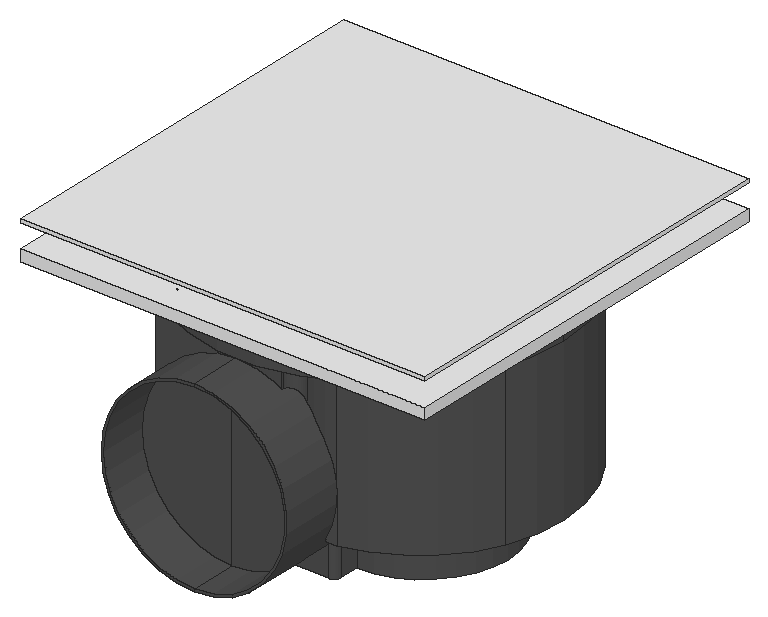
Revit family "Reece_Accessory_Kado_Lux_HiFlow_Exhaust Fan_Square", category Mechanical Equipment, host Face, Revit 2018
Family settings
  Host = Face
  Round Connector Dimension = Use Diameter
  Classification = None
  Part Type = Normal
  Cut with Voids When Loaded = No
  Shared = Yes
  Room Calculation Point = Yes
Parameters (values of type "326 mm x 326 mm_Matte White")
  URL = "https://www.reece.com.au/product/-2020342"
  Type Comments = "Accessory"
  Reece_Product_Web Page = "https://www.reece.com.au/product/-2020342"
  Reece_Product_Type = "Accessory"  # constant formula
  Reece_Product_Sub Brand = "Lux"  # constant formula
  Reece_Product_Number = "2020342"
  Reece_Product_Mount = "Ceiling Mounted"
  Reece_Product_Description = "Kado Lux HiFlow 250 Exhaust Fan Square Matte White"
  Reece_Product_Brand = "Kado"  # constant formula
  Reece_Overall_Width = 326 mm
  Reece_Overall_Length = 326 mm
  Reece_Outlet_Middle = 118 mm
  Reece_Mechanical_Max Airflow = 378 m³/h
  Reece_Mechanical_Air Outlet Size_250 = if(Reece_Mechanical_Duct_Diameter = 100 mm, 0 mm, 150 mm)  # 150 mm
  Reece_Mechanical_Air Outlet Size_200 = if(Reece_Mechanical_Duct_Diameter = 150 mm, 0 mm, 100 mm)  # 0 mm
  Reece_Mechanical_Duct_Diameter = 150 mm
  Reece_Material_Secondary = Reece_Plastic_ABS_Black
  Reece_Material_Main = Reece_Plastic_ABS_White
  Reece_Installation_Minimum Depth = 220 mm  # constant formula
  Reece_Fascia_Type = Reece_Accessory_Kado_Lux_HiFlow_Intake Fascia_Square_250 : Reece_Accessory_Kado_Lux_HiFlow_Intake Fascia_Square_250
  Reece_Fan_Height = 195 mm
  Reece_Exhaust Fan = Reece_Accessory_Kado_Lux_HiFlow_Exhaust Fan_250 : Reece_Accessory_Kado_Lux_HiFlow_Exhaust Fan_250
  Reece_Equipment_Weight = 3.40 kg
  Reece_Electrical_Voltage_Min = 220 V  # constant formula
  Reece_Electrical_Voltage_Max = 240 V  # constant formula
  Reece_Electrical_Voltage = 240 V  # constant formula
  Reece_Electrical_IP Rating = "IPX4"  # constant formula
  Reece_Electrical_Frequency = 50 Hz  # constant formula
  Reece_Electrical_Fan Power_Wattage = 50 W
  Reece_Detail_Note = "Electrical input required. Refer to web page for further details."  # constant formula
  Reece_Detail_Installation = "Exhaust Fan"  # constant formula
  Reece_Detail_Disclaimer = "THIS FILE IS THE PROPERTY OF THE REECE GROUP. IT MAY NOT BE REPRODUCED, REVERSE-ENGINEERED OR MODIFIED. ANY REPUBLICATION, TRANSMISSION OR DISTRIBUTION FOR THE PURPOSE OF COMMERCIALLY EXPLOITING THE FILES IS PROHIBITED."  # constant formula
  Reece_Detail_Connector = "Plug in (Plug & Lead included)"  # constant formula
  Reece_Detail_Additional = "HiFlow"  # constant formula
  Reece_Ceiling_Cutout_Diameter = 300 mm
  Model = "Lux"
  Manufacturer = "Kado"
  Keynote = "Product #2020342, Reece_Accessory_Kado_Lux_HiFlow_Exhaust Fan_Square - 326 mm x 326 mm_Matte White"
  Disclaimer = "THIS FILE IS THE PROPERTY OF THE REECE GROUP. IT MAY NOT BE REPRODUCED, REVERSE-ENGINEERED OR MODIFIED. ANY REPUBLICATION, TRANSMISSION OR DISTRIBUTION FOR THE PURPOSE OF COMMERCIALLY EXPLOITING THE FILES IS PROHIBITED."  # constant formula
  Description = "Kado Lux HiFlow 250 Exhaust Fan Square Matte White"
  Default Elevation = 0 mm
Types (4, lengths in mm): name | URL | Reece_Product_Web Page | Reece_Product_Number | Reece_Product_Description | Reece_Overall_Width | Reece_Overall_Length | Reece_Outlet_Middle | Reece_Mechanical_Max Airflow | Reece_Mechanical_Air Outlet Size_250 | Reece_Mechanical_Air Outlet Size_200 | Reece_Mechanical_Duct_Diameter | Reece_Material_Main | Reece_Fascia_Type | Reece_Fan_Height | Reece_Exhaust Fan | Reece_Equipment_Weight | Reece_Electrical_Fan Power_Wattage | Reece_Ceiling_Cutout_Diameter | Keynote | Description
  270 mm x 270 mm_Matte Black | "https://www.reece.com.au/product/-2020353" | "https://www.reece.com.au/product/-2020353" | "2020353" | "Kado Lux HiFlow 200 Exhaust Fan Square Matte Black" | 270 | 270 | 82 | 175 m³/h | 0 | 100 | 100 | Reece_Plastic_ABS_Black | Reece_Accessory_Kado_Lux_HiFlow_Intake Fascia_Square_200 : Reece_Accessory_Kado_Lux_HiFlow_Intake Fascia_Square_200 | 167 | Reece_Accessory_Kado_Lux_HiFlow_Exhaust Fan_200 : Reece_Accessory_Kado_Lux_HiFlow_Exhaust Fan_200 | 2.10 kg | 30 W | 240 | "Product #2020353, Reece_Accessory_Kado_Lux_HiFlow_Exhaust Fan_Square - 270 mm x 270 mm_Matte Black" | "Kado Lux HiFlow 200 Exhaust Fan Square Matte Black"
  270 mm x 270 mm_Matte White | "https://www.reece.com.au/product/-2020354" | "https://www.reece.com.au/product/-2020354" | "2020354" | "Kado Lux HiFlow 200 Exhaust Fan Square Matte White" | 270 | 270 | 82 | 175 m³/h | 0 | 100 | 100 | Reece_Plastic_ABS_White | Reece_Accessory_Kado_Lux_HiFlow_Intake Fascia_Square_200 : Reece_Accessory_Kado_Lux_HiFlow_Intake Fascia_Square_200 | 167 | Reece_Accessory_Kado_Lux_HiFlow_Exhaust Fan_200 : Reece_Accessory_Kado_Lux_HiFlow_Exhaust Fan_200 | 2.10 kg | 30 W | 240 | "Product #2020354, Reece_Accessory_Kado_Lux_HiFlow_Exhaust Fan_Square - 270 mm x 270 mm_Matte White" | "Kado Lux HiFlow 200 Exhaust Fan Square Matte White"
  326 mm x 326 mm_Matte Black | "https://www.reece.com.au/product/-2020341" | "https://www.reece.com.au/product/-2020341" | "2020341" | "Kado Lux HiFlow 250 Exhaust Fan Square Matte Black" | 326 | 326 | 118 | 378 m³/h | 150 | 0 | 150 | Reece_Plastic_ABS_Black | Reece_Accessory_Kado_Lux_HiFlow_Intake Fascia_Square_250 : Reece_Accessory_Kado_Lux_HiFlow_Intake Fascia_Square_250 | 195 | Reece_Accessory_Kado_Lux_HiFlow_Exhaust Fan_250 : Reece_Accessory_Kado_Lux_HiFlow_Exhaust Fan_250 | 3.40 kg | 50 W | 300 | "Product #2020341, Reece_Accessory_Kado_Lux_HiFlow_Exhaust Fan_Square - 326 mm x 326 mm_Matte Black" | "Kado Lux HiFlow 250 Exhaust Fan Square Matte Black"
  326 mm x 326 mm_Matte White | "https://www.reece.com.au/product/-2020342" | "https://www.reece.com.au/product/-2020342" | "2020342" | "Kado Lux HiFlow 250 Exhaust Fan Square Matte White" | 326 | 326 | 118 | 378 m³/h | 150 | 0 | 150 | Reece_Plastic_ABS_White | Reece_Accessory_Kado_Lux_HiFlow_Intake Fascia_Square_250 : Reece_Accessory_Kado_Lux_HiFlow_Intake Fascia_Square_250 | 195 | Reece_Accessory_Kado_Lux_HiFlow_Exhaust Fan_250 : Reece_Accessory_Kado_Lux_HiFlow_Exhaust Fan_250 | 3.40 kg | 50 W | 300 | "Product #2020342, Reece_Accessory_Kado_Lux_HiFlow_Exhaust Fan_Square - 326 mm x 326 mm_Matte White" | "Kado Lux HiFlow 250 Exhaust Fan Square Matte White"
Reference planes
  plane 1 "Center (Front/Back)": y = -79.125
  plane 2 "Ceiling": z = 0
  plane 3 "Center (Left/Right)": x = 0
  plane 4: y = 83.875
  plane 5: x = 163
  plane 6: x = -163
  plane 7: y = -242.125
  plane 8: z = -195
  plane 9: y = -229.125
  plane 10: y = 70.875
  plane 11: z = -220
  plane 12: z = -118
Forms (mm)
  Extrusion 1, void
    sketch origin (0, 0, 0) x (1, 0, 0) y (0, 1, 0)
      loop
        circle (0, -79.125) r 150
    from 0 to -220
Text (mm)
  text "Reece Copyright © 2018, Reece Ltd." at (-1108.834, -679.227, 0), in view "Ref. Level"
  text "Reece ©" at (78.306, 240.076, 139.55), in view "Reece Preview"
Dimensions and locks
  equal spacing: plane 6, plane 3 "Center (Left/Right)", plane 5
  "Reece_Overall_Width": plane 6 to plane 5
  "Reece_Fan_Height": plane 2 "Ceiling" to plane 8
  "Reece_Ceiling_Cutout_Diameter": plane 9 to plane 10
  "Reece_Installation_Minimum Depth": level to plane 11
  equal spacing: plane 7, plane 1 "Center (Front/Back)", plane 4
  "Reece_Overall_Length": plane 4 to plane 7
  equal spacing: plane 9, plane 1 "Center (Front/Back)", plane 10
  "Reece_Outlet_Middle": level to plane 12
  "Reece_Ceiling_Cutout_Diameter": diameter of Extrusion 1 sketch curve
  aligned and locked: plane 2 "Ceiling" to host face
  aligned and locked: level to host face
Automatic sketch dimensions
  host sketch curve to host sketch curve = 696.216 mm
  host sketch curve to host sketch curve = 618.927 mm
  plane 1 "Center (Front/Back)" to Extrusion 1 sketch curve = 0 mm
  Extrusion 1 sketch curve to plane 3 "Center (Left/Right)" = 0 mm
Nested families
  nested 1: "Reece_Accessory_Kado_Lux_HiFlow_Intake Fascia_Square_250" at (0, 0, 0), type <- "Reece_Fascia_Type", Reece_Material_Main <- "Reece_Material_Main", type "Reece_Accessory_Kado_Lux_HiFlow_Intake Fascia_Square_250"
    with Reece_Material_Main Reece_Plastic_ABS_White
  nested 2: "Reece_Accessory_Kado_Lux_HiFlow_Exhaust Fan_250" at (0, -81.616, 0), type <- "Reece_Exhaust Fan", Reece_Material_Secondary <- "Reece_Material_Secondary", type "Reece_Accessory_Kado_Lux_HiFlow_Exhaust Fan_250"
    with Reece_Material_Secondary Reece_Plastic_ABS_Black
Connectors
  electrical at (-91.058, -77.296, -187), driven by "Reece_Electrical_Voltage"
    settings: on nested 2, index 1, voltage 240 V, apparent load 0 VA, apparent load phase1 0 VA, apparent load phase2 0 VA, apparent load phase3 0 VA, power factor 1, load classification "HVAC", number of poles 1, system type 30, power factor state 1, is connector primary yes, connector utility no, sub classification motor no, connector description ""
  hvac at (-27, -198.616, -118), driven by "Reece_Mechanical_Air Outlet Size_250", driven by "Reece_Mechanical_Max Airflow"
    settings: on nested 2, index 2, duct flow 378 m³/h, flow factor 0, pres drop 0.0 Pa, loss coef 0, conn angle 0.00°, conn width 304.8 mm, conn height 304.8 mm, conn diameter 150 mm, duct sys type 3, conn prof type 0, flow config 1, flow direction 2, loss method 0, conn ref index -1, conn util no, is conn primary yes, conn desc ""
  hvac at (-30, -161.616, -82), driven by "Reece_Mechanical_Air Outlet Size_200", driven by "Reece_Mechanical_Max Airflow"
    settings: on nested 2, index 3, duct flow 378 m³/h, flow factor 0, pres drop 0.0 Pa, loss coef 0, conn angle 0.00°, conn width 304.8 mm, conn height 304.8 mm, conn diameter 0 mm, duct sys type 3, conn prof type 0, flow config 1, flow direction 2, loss method 0, conn ref index -1, conn util no, is conn primary no, conn desc ""
Definition of nested family "Reece_Accessory_Kado_Lux_HiFlow_Intake Fascia_Square_250"
  Parameters (values of type "Reece_Accessory_Kado_Lux_HiFlow_Intake Fascia_Square_250")
    URL = ""
    Type Comments = ""
    Reece_Material_Main [instance] = none
    Model = ""
    Manufacturer = ""
    Keynote = ""
    Description = ""
    Default Elevation = 0 mm
    Cost = 0
    Assembly Code = ""
  Reference planes
    plane 1 "Center (Front/Back)": y = -79.125
    plane 2 "Ceiling": z = 0
    plane 3 "Center (Left/Right)": x = 0
    plane 4: y = 83.875
    plane 5: x = 163
    plane 6: x = -163
    plane 7: y = -242.125
  Forms (mm)
    Extrusion 1, solid
      sketch origin (619.2, -619.2, 0) x (1, 0, 0) y (0, 1, 0)
        loop
          line (-961.127, 847.842) -> (-961.127, 228.915) -> (-264.911, 228.915) -> (-264.911, 847.842) -> (-961.127, 847.842)
      from 0 to -10
    Sweep 2, solid, material <- "Reece_Material_Main"
      path origin (0, 0, 0) x (1, 0, 0) y (0, 1, 0)
        loop
          line (163, 83.875) -> (-163, 83.875) -> (-163, -242.125) -> (163, -242.125) -> (163, 83.875)
      profile origin (0, 83.875, 0) x (0, -1, 0) y (0, 0, 1)
        loop
          line (0, 0) -> (2, 0) -> (2, 2) -> (33, 2) -> (33, 9) -> (0, 9) -> (0, 0)
    Extrusion 3, solid, material <- "Reece_Material_Main"
      sketch origin (0, 0, 0) x (1, 0, 0) y (0, 1, 0)
        loop
          line (-130, 50.875) -> (-130, -209.125) -> (130, -209.125) -> (130, 50.875) -> (-130, 50.875)
        loop
          line (-100, 30.875) -> (-110, 20.875) -> (-110, -66.061)
          arc (-110, -66.061) -> (-109.263, -68.673) -> (-107.27, -70.516) r 5
          line (-107.27, -70.516) -> (-99.117, -74.67)
          arc (-99.117, -74.67) -> (-96.387, -79.125) -> (-99.117, -83.58) r 5
          line (-99.117, -83.58) -> (-107.27, -87.734)
          arc (-107.27, -87.734) -> (-109.263, -89.576) -> (-110, -92.189) r 5
          line (-110, -92.189) -> (-110, -179.125) -> (-100, -189.125) -> (-13.064, -189.125)
          arc (-13.064, -189.125) -> (-10.452, -188.388) -> (-8.609, -186.395) r 5
          line (-8.609, -186.395) -> (-4.455, -178.242)
          arc (-4.455, -178.242) -> (0, -175.512) -> (4.455, -178.242) r 5
          line (4.455, -178.242) -> (8.609, -186.395)
          arc (8.609, -186.395) -> (10.452, -188.388) -> (13.064, -189.125) r 5
          line (13.064, -189.125) -> (100, -189.125) -> (110, -179.125) -> (110, -92.189)
          arc (110, -92.189) -> (109.263, -89.576) -> (107.27, -87.734) r 5
          line (107.27, -87.734) -> (99.117, -83.58)
          arc (99.117, -83.58) -> (96.387, -79.125) -> (99.117, -74.67) r 5
          line (99.117, -74.67) -> (107.27, -70.516)
          arc (107.27, -70.516) -> (109.263, -68.673) -> (110, -66.061) r 5
          line (110, -66.061) -> (110, 20.875) -> (100, 30.875) -> (13.064, 30.875)
          arc (13.064, 30.875) -> (10.452, 30.139) -> (8.609, 28.145) r 5
          line (8.609, 28.145) -> (4.455, 19.993)
          arc (4.455, 19.993) -> (0, 17.263) -> (-4.455, 19.993) r 5
          line (-4.455, 19.993) -> (-8.609, 28.145)
          arc (-8.609, 28.145) -> (-10.452, 30.139) -> (-13.064, 30.875) r 5
          line (-13.064, 30.875) -> (-100, 30.875)
      from 5 to 8
    Extrusion 4, solid, material <- "Reece_Material_Main"
      sketch origin (0, 0, 0) x (1, 0, 0) y (0, 1, 0)
        loop
          circle (-101.387, -79.125) r 3
        loop
          circle (101.387, -79.125) r 3
        loop
          circle (0, -180.512) r 3
        loop
          circle (0, 22.263) r 3
        loop
          circle (-110, 30.875) r 3
        loop
          circle (110, 30.875) r 3
        loop
          circle (-110, -189.125) r 3
        loop
          circle (110, -189.125) r 3
      from 8 to 18
    Extrusion 5, solid, material <- "Reece_Material_Main"
      sketch origin (0, 0, 0) x (1, 0, 0) y (0, 1, 0)
        loop
          line (-107.387, -73.125) -> (-107.387, -85.125) -> (-95.387, -85.125) -> (-95.387, -73.125) -> (-107.387, -73.125)
        loop
          line (107.387, -73.125) -> (95.387, -73.125) -> (95.387, -85.125) -> (107.387, -85.125) -> (107.387, -73.125)
        loop
          line (-6, -186.512) -> (6, -186.512) -> (6, -174.512) -> (-6, -174.512) -> (-6, -186.512)
        loop
          line (-6, 28.263) -> (-6, 16.263) -> (6, 16.263) -> (6, 28.263) -> (-6, 28.263)
        loop
          line (-115.99, 36.875) -> (-115.99, 24.875) -> (-103.99, 24.875) -> (-103.99, 36.875) -> (-115.99, 36.875)
        loop
          line (115.99, 36.875) -> (103.99, 36.875) -> (103.99, 24.875) -> (115.99, 24.875) -> (115.99, 36.875)
        loop
          line (-115.99, -195.125) -> (-103.99, -195.125) -> (-103.99, -183.125) -> (-115.99, -183.125) -> (-115.99, -195.125)
        loop
          line (115.99, -195.125) -> (115.99, -183.125) -> (103.99, -183.125) -> (103.99, -195.125) -> (115.99, -195.125)
      from 18 to 28
    Extrusion 6, solid, material <- "Reece_Material_Main"
      sketch origin (0, 0, 0) x (1, 0, 0) y (0, 1, 0)
        loop
          line (-163, 83.875) -> (-163, -242.125) -> (163, -242.125) -> (163, 83.875) -> (-163, 83.875)
      from 28 to 31
  Text (mm)
    text "Reece Copyright © 2018, Reece Ltd." at (-128.175, -466.152, 0), in view "Ref. Level"
    text "Reece ©" at (78.306, 240.076, 139.55), in view "Reece Preview"
  Dimensions and locks
    locked: plane 6 to plane 5 at 326
    equal spacing: plane 6, plane 3 "Center (Left/Right)", plane 5
    equal spacing: plane 4, plane 1 "Center (Front/Back)", plane 7
    locked: plane 4 to plane 7 at 326
    aligned and locked: plane 2 "Ceiling" to Extrusion 1
    aligned and locked: level to Extrusion 1
  Automatic sketch dimensions
    Extrusion 1 sketch curve to Extrusion 1 sketch curve = 696.216 mm
    Extrusion 1 sketch curve to Extrusion 1 sketch curve = 618.927 mm
    Sweep 2 sketch curve to plane 4 = 0 mm
    Sweep 2 sketch curve to plane 6 = 0 mm
    Sweep 2 sketch curve to plane 5 = 0 mm
    plane 7 to Sweep 2 sketch curve = 0 mm
    Sweep 2 sketch curve to profile plane = 0 mm
    Sweep 2 sketch curve to level = 0 mm
    level to Sweep 2 sketch curve = 9 mm
    Sweep 2 sketch curve to profile plane = 33 mm
    Sweep 2 sketch curve to profile plane = 2 mm
    level to Sweep 2 sketch curve = 2 mm
    plane 1 "Center (Front/Back)" to Extrusion 3 sketch curve = 0 mm  (x2)
    Extrusion 3 sketch curve to plane 3 "Center (Left/Right)" = 0 mm  (x2)
    Extrusion 3 sketch curve to plane 3 "Center (Left/Right)" = 4.455 mm  (x2)
    Extrusion 3 sketch curve to plane 3 "Center (Left/Right)" = 8.609 mm  (x2)
    Extrusion 3 sketch curve to Extrusion 3 sketch curve = 4.455 mm  (x4)
    plane 1 "Center (Front/Back)" to Extrusion 3 sketch curve = 4.455 mm  (x2)
    Extrusion 3 sketch curve to plane 6 = 63.883 mm
    Extrusion 3 sketch curve to plane 1 "Center (Front/Back)" = 4.455 mm  (x2)
    Extrusion 3 sketch curve to plane 6 = 63 mm  (x2)
    Extrusion 3 sketch curve to Extrusion 3 sketch curve = 2.27 mm  (x12)
    Extrusion 3 sketch curve to Extrusion 3 sketch curve = 5.883 mm  (x6)
    Extrusion 3 sketch curve to plane 1 "Center (Front/Back)" = 8.609 mm  (x2)
    plane 1 "Center (Front/Back)" to Extrusion 3 sketch curve = 8.609 mm  (x2)
    Extrusion 3 sketch curve to Extrusion 3 sketch curve = 5 mm
    Extrusion 3 sketch curve to Extrusion 3 sketch curve = 10 mm  (x6)
    Extrusion 3 sketch curve to plane 6 = 33 mm
    plane 3 "Center (Left/Right)" to Extrusion 3 sketch curve = 4.455 mm  (x2)
    plane 3 "Center (Left/Right)" to Extrusion 3 sketch curve = 8.609 mm  (x2)
    Extrusion 3 sketch curve to plane 5 = 63 mm  (x2)
    Extrusion 3 sketch curve to Extrusion 3 sketch curve = 20 mm  (x2)
    Extrusion 3 sketch curve to plane 7 = 33 mm
    Extrusion 3 sketch curve to plane 4 = 63 mm
    Extrusion 3 sketch curve to plane 4 = 33 mm
    Extrusion 3 sketch curve to Extrusion 3 sketch curve = 2.73 mm  (x3)
    Extrusion 3 sketch curve to Extrusion 3 sketch curve = 10.883 mm
    plane 1 "Center (Front/Back)" to Extrusion 4 sketch curve = 0 mm  (x2)
    Extrusion 4 sketch curve to plane 3 "Center (Left/Right)" = 0 mm  (x2)
    Extrusion 4 sketch curve to plane 6 = 61.613 mm
    Extrusion 4 sketch curve to plane 6 = 53 mm  (x2)
    Extrusion 4 sketch curve to plane 5 = 61.613 mm
    Extrusion 4 sketch curve to plane 5 = 53 mm  (x2)
    Extrusion 4 sketch curve to plane 7 = 61.613 mm
    Extrusion 4 sketch curve to plane 7 = 53 mm  (x2)
    Extrusion 4 sketch curve to plane 4 = 61.613 mm
    Extrusion 4 sketch curve to plane 4 = 53 mm  (x2)
    Extrusion 5 sketch curve to plane 6 = 47.01 mm  (x2)
    plane 1 "Center (Front/Back)" to Extrusion 5 sketch curve = 6 mm  (x2)
    Extrusion 5 sketch curve to plane 6 = 55.613 mm
    Extrusion 5 sketch curve to Extrusion 5 sketch curve = 12 mm  (x12)
    Extrusion 5 sketch curve to plane 1 "Center (Front/Back)" = 6 mm  (x2)
    Extrusion 5 sketch curve to plane 3 "Center (Left/Right)" = 6 mm  (x2)
    plane 3 "Center (Left/Right)" to Extrusion 5 sketch curve = 6 mm  (x2)
    Extrusion 5 sketch curve to plane 5 = 67.613 mm
    Extrusion 5 sketch curve to plane 5 = 59.01 mm  (x2)
    Extrusion 5 sketch curve to plane 7 = 67.613 mm
    Extrusion 5 sketch curve to plane 7 = 59 mm  (x2)
    Extrusion 5 sketch curve to plane 4 = 67.613 mm
    Extrusion 5 sketch curve to plane 4 = 59 mm  (x2)
    Extrusion 6 sketch curve to plane 6 = 0 mm
    Extrusion 6 sketch curve to plane 5 = 0 mm
    plane 7 to Extrusion 6 sketch curve = 0 mm
    Extrusion 6 sketch curve to plane 4 = 0 mm
    radius of Extrusion 4 sketch curve = 3 mm  (x8)
Definition of nested family "Reece_Accessory_Kado_Lux_HiFlow_Exhaust Fan_250"
  Parameters (values of type "Reece_Accessory_Kado_Lux_HiFlow_Exhaust Fan_250")
    URL = ""
    Type Comments = ""
    Reece_Material_Secondary [instance] = none
    Model = ""
    Manufacturer = ""
    Keynote = ""
    Description = ""
    Default Elevation = 0 mm
    Cost = 0
    Assembly Code = ""
  Reference planes
    plane 1 "Center (Front/Back)": y = 0
    plane 2: z = 0
    plane 3 "Center (Left/Right)": x = 0
    plane 4: x = -150
    plane 5: x = 150
    plane 6: y = 150
    plane 7: y = -150
    plane 8: z = -195
    plane 9: z = -118
    plane 10: x = -102
    plane 11: x = 48
  Forms (mm)
    Extrusion 1, solid
      sketch origin (619.2, -619.2, 0) x (1, 0, 0) y (0, 1, 0)
        loop
          line (-949.2, 919.028) -> (-949.2, 325.542) -> (-300.722, 325.542) -> (-300.722, 919.028) -> (-949.2, 919.028)
      from 0 to -9.564
    Extrusion 2, solid, material <- "Reece_Material_Secondary"
      sketch origin (-90.579, 3.352, -184.41) x (0, 0, 1) y (0.022455, 0.999748, 0)
        loop
          circle (-2.59, 0.957) r 4.002
      from -1 to 0.5
  Text (mm)
    text "Reece Copyright © 2018, Reece Ltd." at (-1403.988, -1192.393, 0), in view "Ref. Level"
    text "Reece ©" at (44.384, 258.95, 192.345), in view "Reece Preview"
  Dimensions and locks
    equal spacing: plane 7, plane 1 "Center (Front/Back)", plane 6
    plane 7 to plane 6 = 300 mm
    equal spacing: plane 4, plane 3 "Center (Left/Right)", plane 5
    plane 4 to plane 5 = 300 mm
    level to plane 8 = 195 mm
    level to plane 9 = 118 mm
    plane 10 to plane 11 = 150 mm
    aligned and locked: Extrusion 1 to plane 2
    aligned and locked: level to Extrusion 1
  Automatic sketch dimensions
    Extrusion 1 sketch curve to Extrusion 1 sketch curve = 648.478 mm
    Extrusion 1 sketch curve to Extrusion 1 sketch curve = 593.487 mm
    plane 8 to Extrusion 2 sketch curve = 8 mm
    radius of Extrusion 2 sketch curve = 4.002 mm
  Nested families
    nested 1: "Exhaust Fan_250" at (0, 79.125, 0), Reece_Material_Secondary <- "Reece_Material_Secondary", type "Exhaust Fan_250"
      with Reece_Material_Secondary none
  Definition of nested family "Exhaust Fan_250"
    Parameters (values of type "Reece_Accessory_Kado_Lux_HiFlow_Exhaust Fan_250_Nested")
      URL = ""
      Type Comments = ""
      Reece_Material_Secondary [instance] = none
      Model = ""
      Manufacturer = ""
      Keynote = ""
      Description = ""
      Default Elevation = 0 mm
      Cost = 0
      Assembly Code = ""
    Reference planes
      plane 1 "Center (Front/Back)": y = -79.125
      plane 2 "Ceiling": z = 0
      plane 3 "Center (Left/Right)": x = 0
      plane 4: x = -150
      plane 5: x = 150
      plane 6: y = 70.875
      plane 7: y = -229.125
      plane 8 "Outlet Bottom": z = -43
      plane 9 "Top": z = -195
      plane 10 "Outlet Top": z = -193
      plane 11 "Middle Top": z = -155
      plane 12 "Outlet Middle": z = -118
      plane 13 "Connector Middle": z = -187
      plane 14: x = -102
      plane 15: x = 48
      plane 16 "Center L/Z": z = -19
      plane 17 "Outlet Face": y = -234.125
      plane 18 "Connector Centre": x = -27
      plane 19 "Connector": through (-89.437, -69.28, 1219.2) normal (0.9997, -0.0225, 0)
      plane 20: through (-102.464, -74.368, 1219.2) normal (-0.0225, -0.9997, 0)
    Forms (mm)
      Extrusion 1, solid
        sketch origin (619.2, -619.2, 0) x (1, 0, 0) y (0, 1, 0)
          loop
            line (-961.127, 847.842) -> (-961.127, 228.915) -> (-264.911, 228.915) -> (-264.911, 847.842) -> (-961.127, 847.842)
        from 0 to -10
      Revolve 2, solid, material <- "Reece_Material_Secondary"
        sketch origin (0, -79.125, 5) x (1, 0, 0) y (0, 0, 1)
          loop
            line (-145.051, -2) -> (-160, -2) -> (-160, -5) -> (-147, -5) -> (-146.5, -24) -> (0, -24) -> (0, -22) -> (-143.346, -22) -> (-144.051, -2.963)
            arc (-144.051, -2.963) -> (-144.357, -2.28) -> (-145.051, -2) r 1
          axis (0, -2) -> (0, -24)
        angle from 0 to 360
      Extrusion 3, void
        sketch origin (7.612, -3.812, 0) x (1, 0, 0) y (0, 1, 0)
          loop
            circle (24.058, -72.034) r 6
        from -195 to -194
      Extrusion 4, void
        sketch origin (-4.326, -30.101, -6.25) x (0.034899, 0.999391, 0) y (0, 0, 1)
          loop
            line (-53.125, -191) -> (-42.125, -191) -> (-42.125, -180.472)
            arc (-42.125, -180.472) -> (-47.625, -174.972) -> (-53.125, -180.472) r 5.5
            line (-53.125, -180.472) -> (-53.125, -191)
        from -95.4 to -70.486
      Revolve 5, solid, material <- "Reece_Material_Secondary"
        sketch origin (-104.198, -14.752, -187) x (0, -1, 0) y (1, 0, 0)
          loop
            line (60.039, 13.64) -> (60.062, 14.64) -> (55.063, 14.752) -> (55.018, 12.753) -> (56.018, 12.73) -> (56.04, 13.73) -> (60.039, 13.64)
          axis (60.017, 12.64) -> (60.062, 14.64)
        angle from 0 to 360
      Extrusion 6, solid, material <- "Reece_Material_Secondary"
        sketch origin (0, 0, 0) x (1, 0, 0) y (0, 1, 0)
          loop
            line (-91.644, -192.125) -> (9.61, -192.125) -> (9.61, -190.781)
            arc (9.61, -190.781) -> (13.514, -183.362) -> (21.839, -182.38) r 9
            arc (21.839, -182.38) -> (34.752, -185.397) -> (48, -184.797) r 48.405
            arc (48, -184.797) -> (97.893, -161.711) -> (130.55, -117.487) r 110.81
            arc (130.55, -117.487) -> (46.899, 46.78) -> (-103.875, -59.278) r 122
            arc (-103.875, -59.278) -> (-104.465, -67.537) -> (-104.558, -75.816) r 137.831
            arc (-104.558, -75.816) -> (-103.522, -99.276) -> (-101.299, -122.653) r 463.26
            arc (-101.299, -122.653) -> (-96.783, -157.432) -> (-91.644, -192.125) r 1958.452
        from -155 to -19
      Revolve 7, solid, material <- "Reece_Material_Secondary"
        sketch origin (-27, 0, 0) x (0, -1, 0) y (0, 0, 1)
          loop
            line (234.125, -193) -> (234.125, -191) -> (196.125, -191) -> (196.125, -118) -> (160.125, -118) -> (160.125, -193) -> (234.125, -193)
          axis (160.125, -118) -> (234.125, -118)
        angle from 0 to 360
      Extrusion 8, void
        sketch origin (0, 0, 0) x (0, 1, 0) y (0, 0, 1)
          loop
            line (-187.125, -43) -> (-187.125, -155) -> (-149.125, -155) -> (-149.125, -43) -> (-187.125, -43)
        from -120 to -37.076
      Extrusion 9, void
        sketch origin (0, 0, 0) x (0, 1, 0) y (0, 0, 1)
          loop
            line (-194.125, -166) -> (-194.125, -193) -> (-154.846, -193) -> (-154.846, -166) -> (-194.125, -166)
        from -113.459 to 59.851
      Extrusion 10, solid, material <- "Reece_Material_Secondary"
        sketch origin (0, 0, 0) x (1, 0, 0) y (0, 1, 0)
          loop
            arc (31.67, -143.846) -> (99.67, -75.846) -> (31.67, -7.846) r 68
            line (31.67, -7.846) -> (-53.33, -7.846)
            arc (-53.33, -7.846) -> (-70.998, -12.915) -> (-83.292, -26.579) r 33.329
            arc (-83.292, -26.579) -> (-86.421, -34.329) -> (-88.441, -42.44) r 60
            arc (-88.441, -42.44) -> (-91.612, -73.943) -> (-90.093, -105.569) r 213.662
            line (-90.093, -105.569) -> (-83.427, -159.856)
            arc (-83.427, -159.856) -> (-81.447, -163.618) -> (-77.472, -165.125) r 6
            line (-77.472, -165.125) -> (25.67, -165.125)
            arc (25.67, -165.125) -> (29.913, -163.367) -> (31.67, -159.125) r 6
            line (31.67, -159.125) -> (31.67, -143.846)
          loop
            line (-10.824, -9.846) -> (-53.33, -9.846)
            arc (-53.33, -9.846) -> (-69.938, -14.61) -> (-81.494, -27.454) r 31.329
            arc (-81.494, -27.454) -> (-84.518, -34.947) -> (-86.472, -42.787) r 58
            arc (-86.472, -42.787) -> (-89.613, -73.995) -> (-88.107, -105.325) r 211.662
            line (-88.107, -105.325) -> (-81.442, -159.612)
            arc (-81.442, -159.612) -> (-80.122, -162.12) -> (-77.472, -163.125) r 4
            line (-77.472, -163.125) -> (25.67, -163.125)
            arc (25.67, -163.125) -> (28.499, -161.953) -> (29.67, -159.125) r 4
            line (29.67, -159.125) -> (29.67, -145.818)
            arc (29.67, -145.818) -> (-34.514, -98.643) -> (-12.996, -21.948) r 70
            arc (-12.996, -21.948) -> (-11.394, -19.881) -> (-10.824, -17.329) r 6
            line (-10.824, -17.329) -> (-10.824, -9.846)
        from -195 to -155
      Extrusion 11, void
        sketch origin (0, 0, 0) x (1, 0, 0) y (0, 1, 0)
          loop
            arc (-53.33, -9.846) -> (-69.938, -14.61) -> (-81.494, -27.454) r 31.329
            arc (-81.494, -27.454) -> (-84.518, -34.947) -> (-86.472, -42.787) r 58
            arc (-86.472, -42.787) -> (-89.613, -73.995) -> (-88.107, -105.325) r 211.662
            line (-88.107, -105.325) -> (-81.442, -159.612)
            arc (-81.442, -159.612) -> (-80.122, -162.12) -> (-77.472, -163.125) r 4
            line (-77.472, -163.125) -> (25.67, -163.125)
            arc (25.67, -163.125) -> (28.499, -161.953) -> (29.67, -159.125) r 4
            line (29.67, -159.125) -> (29.67, -145.818)
            arc (29.67, -145.818) -> (-34.514, -98.643) -> (-12.996, -21.948) r 70
            arc (-12.996, -21.948) -> (-11.394, -19.881) -> (-10.824, -17.329) r 6
            line (-10.824, -17.329) -> (-10.824, -9.846) -> (-53.33, -9.846)
          loop
            arc (-86.964, -42.7) -> (-90.113, -73.982) -> (-88.604, -105.386) r 212.162
            line (-88.604, -105.386) -> (-81.938, -159.673)
            arc (-81.938, -159.673) -> (-80.453, -162.495) -> (-77.472, -163.625) r 4.5
            line (-77.472, -163.625) -> (25.67, -163.625)
            arc (25.67, -163.625) -> (28.852, -162.307) -> (30.17, -159.125) r 4.5
            line (30.17, -159.125) -> (30.17, -145.33)
            arc (30.17, -145.33) -> (-33.962, -98.709) -> (-12.677, -22.333) r 69.5
            arc (-12.677, -22.333) -> (-10.942, -20.094) -> (-10.324, -17.329) r 6.5
            line (-10.324, -17.329) -> (-10.324, -9.346) -> (-53.33, -9.346)
            arc (-53.33, -9.346) -> (-70.203, -14.187) -> (-81.944, -27.235) r 31.829
            arc (-81.944, -27.235) -> (-84.994, -34.793) -> (-86.964, -42.7) r 58.5
        from -195 to -194
      Extrusion 12, solid, material <- "Reece_Material_Secondary"
        sketch origin (0, 0, 0) x (1, 0, 0) y (0, 1, 0)
          loop
            arc (-53.33, -9.846) -> (-69.938, -14.61) -> (-81.494, -27.454) r 31.329
            arc (-81.494, -27.454) -> (-84.518, -34.947) -> (-86.472, -42.787) r 58
            arc (-86.472, -42.787) -> (-89.613, -73.995) -> (-88.107, -105.325) r 211.662
            line (-88.107, -105.325) -> (-81.442, -159.612)
            arc (-81.442, -159.612) -> (-80.122, -162.12) -> (-77.472, -163.125) r 4
            line (-77.472, -163.125) -> (25.67, -163.125)
            arc (25.67, -163.125) -> (28.499, -161.953) -> (29.67, -159.125) r 4
            line (29.67, -159.125) -> (29.67, -145.818)
            arc (29.67, -145.818) -> (-34.514, -98.643) -> (-12.996, -21.948) r 70
            arc (-12.996, -21.948) -> (-11.394, -19.881) -> (-10.824, -17.329) r 6
            line (-10.824, -17.329) -> (-10.824, -9.846) -> (-53.33, -9.846)
        from -195 to -193
      Extrusion 13, solid, material <- "Reece_Material_Secondary"
        sketch origin (0, 0, 0) x (1, 0, 0) y (0, 1, 0)
          loop
            line (-89.661, -82.701) -> (-87.187, -82.701) -> (-87.187, -67.701) -> (-89.354, -67.701)
            arc (-89.354, -67.701) -> (-89.641, -75.199) -> (-89.661, -82.701) r 211.662
        from -193 to -174.499
    Cuts and joins
      Extrusion 8, Extrusion 9 cuts Revolve 7
      Extrusion 3, Extrusion 4, Extrusion 11 cuts Extrusion 10
      joined: Extrusion 6, Revolve 7, Extrusion 10
    Text (mm)
      text "Reece Copyright © 2018, Reece Ltd." at (-1108.834, -679.227, 0), in view "Ref. Level"
      text "Reece ©" at (78.306, 240.076, 139.55), in view "Reece Preview"
    Dimensions and locks
      plane 4 to plane 5 = 300 mm
      plane 7 to plane 6 = 300 mm
      equal spacing: plane 4, plane 3 "Center (Left/Right)", plane 5
      equal spacing: plane 7, plane 1 "Center (Front/Back)", plane 6
      level to plane 9 "Top" = 195 mm
      level to plane 12 "Outlet Middle" = 118 mm
      plane 14 to plane 15 = 150 mm
      aligned and locked: Extrusion 1 to plane 2 "Ceiling"
      aligned and locked: level to Extrusion 1
    Automatic sketch dimensions
      Extrusion 1 sketch curve to Extrusion 1 sketch curve = 696.216 mm
      Extrusion 1 sketch curve to Extrusion 1 sketch curve = 618.927 mm
      Extrusion 3 sketch curve to plane 1 "Center (Front/Back)" = 3.279 mm
      Revolve 2 sketch curve to level = 0 mm
      Revolve 2 sketch curve to plane 3 "Center (Left/Right)" = 0 mm
      plane 3 "Center (Left/Right)" to Revolve 2 sketch curve = 0 mm
      Revolve 2 sketch curve to plane 4 = 6.654 mm
      Revolve 2 sketch curve to plane 4 = 5.949 mm
      Revolve 2 sketch curve to Revolve 2 sketch curve = 0.999 mm
      Revolve 2 sketch curve to plane 4 = 3.5 mm
      Revolve 2 sketch curve to plane 4 = 3 mm
      plane 4 to Revolve 2 sketch curve = 10 mm
      Revolve 2 sketch curve to level = 17 mm
      Revolve 2 sketch curve to plane 8 "Outlet Bottom" = 24 mm
      level to Revolve 2 sketch curve = 2 mm
      Revolve 2 sketch curve to Revolve 2 sketch curve = 0.037 mm
      Revolve 2 sketch curve to plane 11 "Middle Top" = 6.2 mm
      plane 9 "Top" to Revolve 2 sketch curve = 140.8 mm
      plane 3 "Center (Left/Right)" to Extrusion 3 sketch curve = 31.67 mm
      Extrusion 6 sketch curve to plane 15 = 0 mm  (x2)
      plane 15 to Extrusion 6 sketch curve = 8.794 mm
      Extrusion 6 sketch curve to plane 1 "Center (Front/Back)" = 5.898 mm
      plane 15 to Extrusion 6 sketch curve = 14.752 mm
      Extrusion 6 sketch curve to plane 1 "Center (Front/Back)" = 3.293 mm
      Extrusion 6 sketch curve to Extrusion 6 sketch curve = 5.38 mm
      plane 3 "Center (Left/Right)" to Extrusion 6 sketch curve = 18.61 mm
      Extrusion 6 sketch curve to plane 1 "Center (Front/Back)" = 7.5 mm
      Extrusion 6 sketch curve to Extrusion 6 sketch curve = 10.37 mm
      Extrusion 6 sketch curve to Extrusion 6 sketch curve = 9 mm
      Extrusion 6 sketch curve to plane 1 "Center (Front/Back)" = 12.012 mm
      Extrusion 6 sketch curve to plane 6 = 41.269 mm
      plane 1 "Center (Front/Back)" to Extrusion 6 sketch curve = 58.072 mm
      Extrusion 6 sketch curve to Extrusion 6 sketch curve = 5.984 mm
      Extrusion 6 sketch curve to Extrusion 6 sketch curve = 1.344 mm
      Extrusion 6 sketch curve to plane 14 = 10.356 mm
      Extrusion 6 sketch curve to plane 14 = 0.701 mm
      Extrusion 6 sketch curve to Extrusion 6 sketch curve = 0 mm  (x3)
      plane 14 to Extrusion 6 sketch curve = 1.875 mm
      plane 10 "Outlet Top" to Revolve 7 sketch curve = 0 mm
      plane 12 "Outlet Middle" to Revolve 7 sketch curve = 0 mm  (x2)
      Revolve 7 sketch curve to plane 17 "Outlet Face" = 0 mm
      Revolve 7 sketch curve to plane 10 "Outlet Top" = 2 mm
      Revolve 7 sketch curve to plane 7 = 33 mm
      plane 1 "Center (Front/Back)" to Revolve 7 sketch curve = 81 mm
      Revolve 7 sketch curve to Revolve 7 sketch curve = 21 mm
      plane 17 "Outlet Face" to Revolve 7 sketch curve = 45 mm
      plane 11 "Middle Top" to Extrusion 8 sketch curve = 0 mm
      plane 8 "Outlet Bottom" to Extrusion 8 sketch curve = 0 mm
      Extrusion 8 sketch curve to plane 7 = 42 mm
      Extrusion 8 sketch curve to Extrusion 8 sketch curve = 38 mm
      plane 11 "Middle Top" to Extrusion 9 sketch curve = 11 mm
      Extrusion 9 sketch curve to plane 7 = 35 mm
      Extrusion 9 sketch curve to plane 9 "Top" = 2 mm
      Extrusion 9 sketch curve to Extrusion 9 sketch curve = 39.279 mm
      Extrusion 10 sketch curve to Extrusion 10 sketch curve = 0 mm  (x15)
      Extrusion 10 sketch curve to plane 14 = 11.907 mm
      Extrusion 10 sketch curve to Extrusion 10 sketch curve = 1.985 mm  (x2)
      Extrusion 10 sketch curve to plane 14 = 18.573 mm
      Extrusion 10 sketch curve to Extrusion 10 sketch curve = 5.955 mm
      plane 18 "Connector Centre" to Extrusion 10 sketch curve = 26.33 mm
      plane 18 "Connector Centre" to Extrusion 10 sketch curve = 2.352 mm
      Extrusion 10 sketch curve to Extrusion 10 sketch curve = 4 mm  (x2)
      Extrusion 10 sketch curve to plane 1 "Center (Front/Back)" = 3.279 mm
      plane 15 to Extrusion 10 sketch curve = 16.33 mm
      Extrusion 10 sketch curve to Extrusion 10 sketch curve = 2 mm
      plane 1 "Center (Front/Back)" to Extrusion 10 sketch curve = 0.405 mm
      plane 1 "Center (Front/Back)" to Extrusion 10 sketch curve = 26.2 mm
      Extrusion 10 sketch curve to Extrusion 10 sketch curve = 0.244 mm  (x2)
      Extrusion 10 sketch curve to plane 7 = 70 mm
      Extrusion 10 sketch curve to plane 1 "Center (Front/Back)" = 26.269 mm
      Extrusion 10 sketch curve to Extrusion 10 sketch curve = 11.681 mm
      Extrusion 10 sketch curve to Extrusion 10 sketch curve = 1.798 mm
      Extrusion 10 sketch curve to Extrusion 10 sketch curve = 1.971 mm
      Extrusion 10 sketch curve to plane 18 "Connector Centre" = 10.176 mm
      Extrusion 10 sketch curve to Extrusion 10 sketch curve = 6 mm
      Extrusion 10 sketch curve to plane 5 = 28.023 mm
      Extrusion 11 sketch curve to plane 14 = 13.893 mm
      Extrusion 11 sketch curve to plane 14 = 20.558 mm
      Extrusion 11 sketch curve to Extrusion 11 sketch curve = 3.97 mm
      plane 18 "Connector Centre" to Extrusion 11 sketch curve = 26.33 mm
      plane 18 "Connector Centre" to Extrusion 11 sketch curve = 2.352 mm
      Extrusion 11 sketch curve to plane 18 "Connector Centre" = 10.176 mm
      Extrusion 11 sketch curve to Extrusion 11 sketch curve = 6 mm
      plane 15 to Extrusion 11 sketch curve = 22.33 mm
      Extrusion 11 sketch curve to Extrusion 11 sketch curve = 4 mm  (x2)
      Extrusion 11 sketch curve to plane 1 "Center (Front/Back)" = 3.279 mm
      plane 15 to Extrusion 11 sketch curve = 16.33 mm
      plane 1 "Center (Front/Back)" to Extrusion 11 sketch curve = 0.405 mm
      Extrusion 11 sketch curve to plane 5 = 28.023 mm
      plane 1 "Center (Front/Back)" to Extrusion 11 sketch curve = 26.2 mm
      plane 1 "Center (Front/Back)" to Extrusion 11 sketch curve = 66.693 mm
      Extrusion 11 sketch curve to Extrusion 11 sketch curve = 13.307 mm
      Extrusion 11 sketch curve to plane 1 "Center (Front/Back)" = 26.269 mm
      Extrusion 11 sketch curve to Extrusion 11 sketch curve = 11.681 mm
      Extrusion 11 sketch curve to Extrusion 11 sketch curve = 35.527 mm
      Extrusion 11 sketch curve to Extrusion 11 sketch curve = 7.483 mm
      Extrusion 11 sketch curve to Extrusion 11 sketch curve = 0 mm  (x16)
      Extrusion 11 sketch curve to Extrusion 11 sketch curve = 0.496 mm  (x2)
      Extrusion 11 sketch curve to Extrusion 11 sketch curve = 0.5 mm  (x3)
      Extrusion 11 sketch curve to Extrusion 11 sketch curve = 0.488 mm
      Extrusion 11 sketch curve to Extrusion 11 sketch curve = 0.061 mm
      Extrusion 12 sketch curve to plane 14 = 13.893 mm
      Extrusion 12 sketch curve to plane 14 = 20.558 mm
      Extrusion 12 sketch curve to Extrusion 12 sketch curve = 3.97 mm
      plane 18 "Connector Centre" to Extrusion 12 sketch curve = 26.33 mm
      plane 18 "Connector Centre" to Extrusion 12 sketch curve = 2.352 mm
      Extrusion 12 sketch curve to plane 18 "Connector Centre" = 10.176 mm
      Extrusion 12 sketch curve to Extrusion 12 sketch curve = 6 mm
      plane 15 to Extrusion 12 sketch curve = 22.33 mm
      Extrusion 12 sketch curve to Extrusion 12 sketch curve = 4 mm  (x2)
      Extrusion 12 sketch curve to plane 1 "Center (Front/Back)" = 3.279 mm
      plane 15 to Extrusion 12 sketch curve = 16.33 mm
      plane 1 "Center (Front/Back)" to Extrusion 12 sketch curve = 0.405 mm
      Extrusion 12 sketch curve to plane 5 = 28.023 mm
      plane 1 "Center (Front/Back)" to Extrusion 12 sketch curve = 26.2 mm
      plane 1 "Center (Front/Back)" to Extrusion 12 sketch curve = 66.693 mm
      Extrusion 12 sketch curve to Extrusion 12 sketch curve = 13.307 mm
      Extrusion 12 sketch curve to plane 1 "Center (Front/Back)" = 26.269 mm
      Extrusion 12 sketch curve to Extrusion 12 sketch curve = 11.681 mm
      Extrusion 12 sketch curve to Extrusion 12 sketch curve = 35.527 mm
      Extrusion 12 sketch curve to Extrusion 12 sketch curve = 7.483 mm
      Extrusion 12 sketch curve to Extrusion 12 sketch curve = 0 mm
      Extrusion 4 sketch curve to plane 10 "Outlet Top" = 6.278 mm
      Extrusion 4 sketch curve to Extrusion 4 sketch curve = 5.5 mm
      plane 9 "Top" to Extrusion 4 sketch curve = 2.25 mm
      plane 1 "Center (Front/Back)" to Extrusion 13 sketch curve = 0.405 mm
      Extrusion 13 sketch curve to plane 1 "Center (Front/Back)" = 11.423 mm
      Extrusion 13 sketch curve to plane 14 = 12.339 mm
      Extrusion 13 sketch curve to Extrusion 13 sketch curve = 2.168 mm
      Extrusion 13 sketch curve to Extrusion 13 sketch curve = 2.475 mm
      plane 1 "Center (Front/Back)" to Extrusion 13 sketch curve = 3.577 mm
      Revolve 5 sketch curve to plane 1 "Center (Front/Back)" = 9.355 mm
      Revolve 5 sketch curve to Revolve 5 sketch curve = 0.045 mm
      Revolve 5 sketch curve to Revolve 5 sketch curve = 1 mm
      Revolve 5 sketch curve to plane 14 = 11.532 mm
      Revolve 5 sketch curve to Revolve 5 sketch curve = 0.022 mm
      Revolve 5 sketch curve to Revolve 5 sketch curve = 3.999 mm
      Revolve 5 sketch curve to Revolve 5 sketch curve = 0.09 mm
      Revolve 5 sketch curve to Revolve 5 sketch curve = 0.014 mm
      Revolve 5 sketch curve to Revolve 5 sketch curve = 0 mm  (x2)
      Revolve 5 sketch curve to Revolve 5 sketch curve = 0.641 mm
      radius of Extrusion 3 sketch curve = 6 mm
